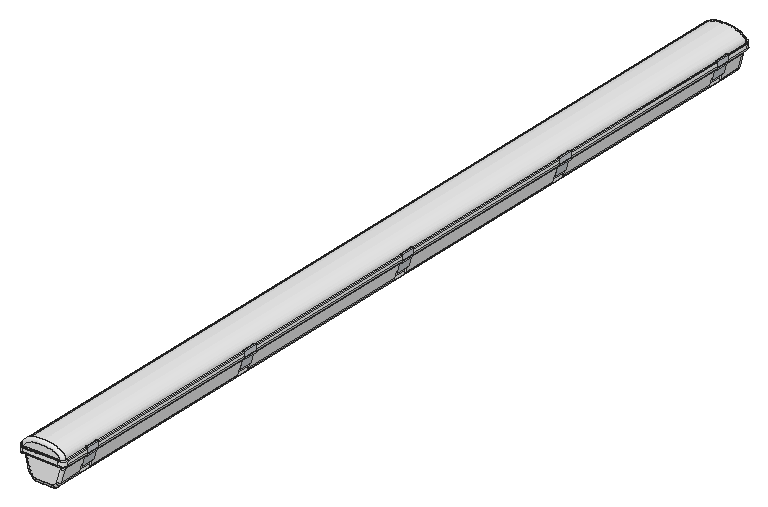
Revit family "0067965 Sylvania Lighting Fixture START Waterproof Single 1500 IP65 4000lm 865", category Lighting Fixtures, host Face, Revit 2016
Family settings
  Host = Face
  Part Type = Normal
  Round Connector Dimension = Use Diameter
  OmniClass Number = 23.80.70.11.14
  OmniClass Title = General Luminaries, Directional
  Cut with Voids When Loaded = No
  Light Source = Yes
  Shared = No
  Room Calculation Point = No
Parameters (values of type "0067965 ST WTRPRF S 1500 IP65 4000LM 865")
  Width = 84 mm
  Weight = "2.08 kg"
  Wattage Comments = "n/a"
  Wattage = 33 W
  WarrantyStartDate [instance] = "n/a"
  WarrantyGuarantorParts = "n/a"
  WarrantyDurationUnit = "n/a"
  WarrantyDurationParts = "n/a"
  WarrantyDescription = "n/a"
  built-in parameter 1150110 = 1 (stored number, unit not read)
  Voltage = 0 V
  URL = "http://www.sylvania-lighting.com"
  TypeName = "START Waterproof Single 1500 IP65 4000lm 865"
  Type Image = <None>
  Type Comments = "n/a"
  built-in parameter 1114217 = 1 (stored number, unit not read)
  Tilt Angle = -90.00°
  built-in parameter 1150109 = 1 (stored number, unit not read)
  built-in parameter 1150134 = 1
  built-in parameter 1150113 = 1 (stored number, unit not read)
  SerialNumber [instance] = "n/a"
  ReflectorMaterial = none
  PowerFactor = 0
  PowerConsumption = "33 W"
  Photometric Web File = "0067965.ies"
  NominalWidth = 0 mm
  NominalLength = 1578 mm
  NominalHeight = 75 mm
  Name = "START Waterproof Single 1500 IP65 4000lm 865"
  ModelReference = "START Waterproof Single 1500 IP65 4000lm 865"
  ModelNumber = "0067965"
  Model = "START Waterproof Single 1500 IP65 4000lm 865"
  Material = "polycarbonate housing, polycarbonate diffuser"
  ManufacturerName = "Feilo Sylvania"
  Manufacturer = "Feilo Sylvania"
  LuminousEfficacy = "119 lm/W"
  built-in parameter 1150105 = 312.5 (stored number, unit not read)
  Lumens = 3927 lm
  LuminaireType = ""
  built-in parameter 1150115 = 1 (stored number, unit not read)
  LightOutputRatio = "n/a"
  built-in parameter 1150137 = (empty or 0)
  built-in parameter 1150139 = (empty or 0)
  Length = 1572 mm
  LampsType = Lamp  # "LED"
  LampNominalLuminous = "3950 lm"
  LampMacAdamStep = "n/a"
  LampColourTemperature = "6500 K"
  LampColourRenderingIndex = "80"
  built-in parameter 1150112 = 1 (stored number, unit not read)
  built-in parameter 1150114 = 1 (stored number, unit not read)
  Lamp = "LED"
  Keynote = "16500"
  InstallationDate [instance] = "n/a"
  InputVoltage = "n/a"
  InputNominalFrequency = "n/a"
  built-in parameter 1150132 = (empty or 0)
  built-in parameter 1150102 = (empty or 0)
  built-in parameter 1150107 = 6500 (stored number, unit not read)
  built-in parameter 1150138 = (empty or 0)
  IngressProtection = "IP65"
  ImpactProtectionIndex = "IK08"
  built-in parameter 1150106 = 3.125 (stored number, unit not read)
  IfcExportType = "IfcLightFixtureType"
  IfcExportAs = "IfcLightFixtureType"
  ExpectedLife = 50000
  Emit from Rectangle Width = Width - 20 mm  # 64 mm
  Emit from Rectangle Length = Length - 20 mm  # 1552 mm
  Emit Shape Visible in Rendering = no
  ElectricShockClassification = "Class I"
  built-in parameter 1150104 = 11.055 (stored number, unit not read)
  DurationUnit = "hours"
  DocumentationLiterature = "http://www.sylvania-lighting.com/product/en-int/products/0067965"
  DimmingControlOptions = "n/a"
  Dimming Lamp Color Temperature Shift = <None>
  DiffuserMaterial = Diffuser-Sylvania-Transparent
  Description = "Start Waterproof, integrated LED weatherproof luminaire, with UV stabilized flat diffuser and linear prisms designed to achieve uniform lit appearance, optimise light output and to reduce glare, stainless steel diffuser clips and fixing brackets for surface mounting. Polycarbonate housing, Polycarbonate diffuser, 3950lm, 33W, 119lm/W, 6500K, drive current 1050mA, non dimmable, CRI80, IP65, IK08, Class I, nominal average lifetime (h): 50000, 1578mm x 84mm x 75mm, energy class: A++ A+ A"
  Default Elevation = 1219.2 mm
  CreatedOn = "11/27/2018"
  CreatedBy = "@sylvania-lighting.com"
  Cost = 0
  Color Filter = 16777215
  built-in parameter 1114216 [instance] = (empty or 0)
  ClassificationValue = "EF_70_80"
  ClassificationName = "Uniclass2015"
  BodyMaterial = Body-Sylvania-Gray
  BarCode [instance] = "n/a"
  built-in parameter 1114218 = 1 (stored number, unit not read)
  built-in parameter 1150133 = 10 (stored number, unit not read)
  AssetType = "Fixed"
  AssetIdentifier [instance] = "n/a"
  Assembly Code = "D5020200"
  Apparent Load = 33 VA
  AccessoryMaterial = Diffuser-Sylvania-Glow
Reference planes
  plane 1 "Center (Front/Back)": y = 0
  plane 2: z = 0
  plane 3 "Center (Left/Right)": x = 0
  plane 4: z = 54
  plane 5: x = -14.7
  plane 6: x = -21.8
  plane 7: x = -26.6
  plane 8: x = -29.2
  plane 9: z = 3
  plane 10: z = 7.8
  plane 11: z = 12.3
  plane 12: z = 36.6
  plane 13: z = 42.8
  plane 14: x = -38.1
  plane 15: z = 46.2
  plane 16: x = -42
  plane 17: y = 786
  plane 18: y = -786
  plane 19: x = 14.7
  plane 20: x = 21.8
  plane 21: x = 26.6
  plane 22: x = 29.2
  plane 23: x = 38.1
  plane 24: x = 42
  plane 25: y = 778.4
  plane 26: y = -778.4
  plane 27: y = -774.7
  plane 28: y = 774.7
  plane 29: z = 74
  plane 30: x = -38.5
  plane 31: x = 38.5
  plane 32: z = 55.2
  plane 33: y = -782.5
  plane 34: y = 782.5
  plane 35: x = -24.5
  plane 36: x = 24.5
  plane 37: x = -35.7
  plane 38: x = 35.7
  plane 39: z = 50.2
  plane 40: z = 24.6
  plane 41: y = -720
  plane 42: y = -734
  plane 43: y = -706
  plane 44: y = 720
  plane 45: y = -720
  plane 46: y = -734
  plane 47: y = -706
  plane 48: y = 720
  plane 49: y = 706
  plane 50: y = 734
  plane 51: y = -360
  plane 52: y = -374
  plane 53: y = -346
  plane 54: y = 0
  plane 55: y = -14
  plane 56: y = 14
  plane 57: y = 360
  plane 58: y = 346
  plane 59: y = 374
Forms (mm)
  Sweep 1, solid, material "Body-Sylvania-Gray" <- "BodyMaterial", detail levels medium+fine
    path origin (1223.4, -4572, 54) x (0, -1, 0) y (1, 0, 0)
      loop
        arc (-3796, -1265.4) -> (-3788.929, -1262.471) -> (-3786, -1255.4) r 10
        line (-3786, -1255.4) -> (-3786, -1191.4)
        arc (-3786, -1191.4) -> (-3788.929, -1184.329) -> (-3796, -1181.4) r 10
        line (-3796, -1181.4) -> (-5348, -1181.4)
        arc (-5348, -1181.4) -> (-5355.071, -1184.329) -> (-5358, -1191.4) r 10
        line (-5358, -1191.4) -> (-5358, -1255.4)
        arc (-5358, -1255.4) -> (-5355.071, -1262.471) -> (-5348, -1265.4) r 10
        line (-5348, -1265.4) -> (-3796, -1265.4)
    profile origin (-42, 0, 54) x (-1, 0, 0) y (0, 0, 1)
      loop
        line (0, 0) -> (-1, 0) -> (-1, -7.726)
        arc (-1, -7.726) -> (-1.994, -9.498) -> (-3.9, -10.2) r 2.937
        line (-3.9, -10.2) -> (-8.571, -10.2) -> (-8.571, -11.2) -> (-3.9, -11.2)
        arc (-3.9, -11.2) -> (-1.313, -10.231) -> (0, -7.8) r 3.937
        line (0, -7.8) -> (0, 0)
  Sweep 2, solid, material "Body-Sylvania-Gray" <- "BodyMaterial", detail levels medium+fine
    path origin (0, 0, 0) x (1, 0, 0) y (0, 0, 1)
      loop
        line (35.7, 42.8) -> (35.7, 36.6) -> (29.203, 12.31)
        arc (29.203, 12.31) -> (28.199, 9.884) -> (26.6, 7.8) r 10.052
        line (26.6, 7.8) -> (21.8, 3)
        arc (21.8, 3) -> (18.554, 0.781) -> (14.7, 0) r 9.902
        line (14.7, 0) -> (0, 0) -> (-14.7, 0)
        arc (-14.7, 0) -> (-18.554, 0.781) -> (-21.8, 3) r 9.902
        line (-21.8, 3) -> (-26.6, 7.8)
        arc (-26.6, 7.8) -> (-28.199, 9.884) -> (-29.203, 12.31) r 10.052
        line (-29.203, 12.31) -> (-35.7, 36.6) -> (-35.7, 42.8)
    profile origin (0, 0, 0) x (0, 0, -1) y (0, -1, 0)
      loop
        arc (0, 773.4) -> (-1.464, 776.936) -> (-5, 778.4) r 5
        line (-5, 778.4) -> (-7.8, 778.4) -> (-7.8, -778.4) -> (-5, -778.4)
        arc (-5, -778.4) -> (-1.464, -776.936) -> (0, -773.4) r 5
        line (0, -773.4) -> (0, 773.4)
  Extrusion 3, solid, material "Body-Sylvania-Gray" <- "BodyMaterial", detail levels medium+fine
    sketch origin (1524, 778.4, 1219.2) x (1, 0, 0) y (0, 0, 1)
      loop
        arc (-1545.668, -1204.874) -> (-1545.443, -1205.418) -> (-1545.085, -1205.885) r 2.252
        line (-1545.085, -1205.885) -> (-1540.231, -1210.738)
        arc (-1540.231, -1210.738) -> (-1539.534, -1211.227) -> (-1538.7, -1211.4) r 2.102
        line (-1538.7, -1211.4) -> (-1509.3, -1211.4)
        arc (-1509.3, -1211.4) -> (-1508.466, -1211.227) -> (-1507.769, -1210.738) r 2.102
        line (-1507.769, -1210.738) -> (-1502.915, -1205.885)
        arc (-1502.915, -1205.885) -> (-1502.557, -1205.418) -> (-1502.332, -1204.874) r 2.252
        line (-1502.332, -1204.874) -> (-1496.1, -1181.575) -> (-1496.1, -1176.4) -> (-1551.9, -1176.4) -> (-1551.9, -1181.575) -> (-1545.668, -1204.874)
    from 0 to 1556.8
  Sweep 4, solid, material "Diffuser-Sylvania-Transparent" <- "DiffuserMaterial", detail levels medium+fine
    path origin (0, 0, 0) x (1, 0, 0) y (0, 0, 1)
      loop
        spline (-38.5, 55.2) -> (-37.188, 60.066) -> (-33.342, 64.6) -> (-27.224, 68.494) -> (-19.25, 71.481) -> (-9.965, 73.359) -> (0, 74) -> (9.965, 73.359) -> (19.25, 71.481) -> (27.224, 68.494) -> (33.342, 64.6) -> (37.188, 60.066) -> (38.5, 55.2)
    profile origin (38.5, 0, 55.2) x (0, -1, 0) y (1, 0, 0)
      loop
        arc (782.5, -5.5) -> (780.889, -1.611) -> (777, 0) r 5.5
        line (777, 0) -> (-777, 0)
        arc (-777, 0) -> (-780.889, -1.611) -> (-782.5, -5.5) r 5.5
        line (-782.5, -5.5) -> (-782.5, -6.3) -> (-781.5, -6.3) -> (-781.5, -5.5)
        arc (-781.5, -5.5) -> (-780.182, -2.318) -> (-777, -1) r 4.5
        line (-777, -1) -> (777, -1)
        arc (777, -1) -> (780.182, -2.318) -> (781.5, -5.5) r 4.5
        line (781.5, -5.5) -> (781.5, -6.347) -> (782.5, -6.347) -> (782.5, -5.5)
  Extrusion 5, solid, material "Diffuser-Sylvania-Transparent" <- "DiffuserMaterial", detail levels medium+fine
    sketch origin (1524, -782.5, 1219.2) x (1, 0, 0) y (0, 0, 1)
      loop
        line (-1556.653, -1164) -> (-1491.347, -1164)
        spline (-1491.347, -1164) -> (-1491.939, -1161.945) -> (-1494.434, -1159.066) -> (-1499.342, -1155.96) -> (-1506.338, -1153.35) -> (-1514.799, -1151.648) -> (-1524, -1151.047) -> (-1533.201, -1151.648) -> (-1541.662, -1153.35) -> (-1548.658, -1155.96) -> (-1553.566, -1159.066) -> (-1556.061, -1161.945) -> (-1556.653, -1164)
    from 0 to -1
  Extrusion 6, solid, material "Diffuser-Sylvania-Transparent" <- "DiffuserMaterial", detail levels medium+fine
    sketch origin (1524, 782.5, 1219.2) x (1, 0, 0) y (0, 0, 1)
      loop
        spline (-1491.3, -1164) -> (-1491.898, -1161.922) -> (-1494.404, -1159.03) -> (-1499.322, -1155.918) -> (-1506.325, -1153.305) -> (-1514.793, -1151.602) -> (-1524, -1151) -> (-1533.207, -1151.602) -> (-1541.675, -1153.305) -> (-1548.678, -1155.918) -> (-1553.596, -1159.03) -> (-1556.102, -1161.922) -> (-1556.7, -1164)
        line (-1556.7, -1164) -> (-1491.3, -1164)
    from 0 to 1
  Extrusion 7, solid, material "Diffuser-Sylvania-Glow" <- "AccessoryMaterial", detail levels fine
    sketch origin (0, 0, 0) x (1, 0, 0) y (0, 0, 1)
      loop
        circle (0, 50.2) r 8
    from -774.7 to 774.7
  Extrusion 8, void
    sketch origin (0, -720, 2343.807) x (0, 0, -1) y (-1, 0, 0)
      loop
        line (2340.807, -24.5) -> (2331.507, -24.5) -> (2319.207, -29.2) -> (2319.207, -35.7) -> (2340.807, -35.7) -> (2340.807, -24.5)
      loop
        line (2340.807, 24.5) -> (2340.807, 35.7) -> (2319.207, 35.7) -> (2319.207, 29.2) -> (2331.507, 24.5) -> (2340.807, 24.5)
    from 14 to -14
  Extrusion 9, void, not visible
    sketch origin (0, -720, 2343.807) x (0, 0, -1) y (-1, 0, 0)
      loop
        line (2340.807, -24.5) -> (2331.507, -24.5) -> (2319.207, -29.2) -> (2319.207, -35.7) -> (2340.807, -35.7) -> (2340.807, -24.5)
      loop
        line (2340.807, 24.5) -> (2340.807, 35.7) -> (2319.207, 35.7) -> (2319.207, 29.2) -> (2331.507, 24.5) -> (2340.807, 24.5)
    from 14 to -14
  Extrusion 10, void
    sketch origin (0, 720, 2343.807) x (0, 0, -1) y (-1, 0, 0)
      loop
        line (2340.807, -24.5) -> (2331.507, -24.5) -> (2319.207, -29.2) -> (2319.207, -35.7) -> (2340.807, -35.7) -> (2340.807, -24.5)
      loop
        line (2340.807, 24.5) -> (2340.807, 35.7) -> (2319.207, 35.7) -> (2319.207, 29.2) -> (2331.507, 24.5) -> (2340.807, 24.5)
    from 14 to -14
  Extrusion 11, void
    sketch origin (0, -360, 2343.807) x (0, 0, -1) y (-1, 0, 0)
      loop
        line (2340.807, -24.5) -> (2331.507, -24.5) -> (2319.207, -29.2) -> (2319.207, -35.7) -> (2340.807, -35.7) -> (2340.807, -24.5)
      loop
        line (2340.807, 24.5) -> (2340.807, 35.7) -> (2319.207, 35.7) -> (2319.207, 29.2) -> (2331.507, 24.5) -> (2340.807, 24.5)
    from 14 to -14
  Extrusion 12, void
    sketch origin (0, 0, 2343.807) x (0, 0, -1) y (-1, 0, 0)
      loop
        line (2340.807, -24.5) -> (2331.507, -24.5) -> (2319.207, -29.2) -> (2319.207, -35.7) -> (2340.807, -35.7) -> (2340.807, -24.5)
      loop
        line (2340.807, 24.5) -> (2340.807, 35.7) -> (2319.207, 35.7) -> (2319.207, 29.2) -> (2331.507, 24.5) -> (2340.807, 24.5)
    from 14 to -14
  Extrusion 13, void
    sketch origin (0, 360, 2343.807) x (0, 0, -1) y (-1, 0, 0)
      loop
        line (2340.807, -24.5) -> (2331.507, -24.5) -> (2319.207, -29.2) -> (2319.207, -35.7) -> (2340.807, -35.7) -> (2340.807, -24.5)
      loop
        line (2340.807, 24.5) -> (2340.807, 35.7) -> (2319.207, 35.7) -> (2319.207, 29.2) -> (2331.507, 24.5) -> (2340.807, 24.5)
    from 14 to -14
  Extrusion 14, solid, material "Diffuser-Sylvania-Transparent" <- "DiffuserMaterial", detail levels medium+fine
    sketch origin (1223.4, -4572, 54) x (0, -1, 0) y (-1, 0, 0)
      loop
        arc (-5348, 1265.4) -> (-5355.071, 1262.471) -> (-5358, 1255.4) r 10
        line (-5358, 1255.4) -> (-5358, 1191.4)
        arc (-5358, 1191.4) -> (-5355.071, 1184.329) -> (-5348, 1181.4) r 10
        line (-5348, 1181.4) -> (-3796, 1181.4)
        arc (-3796, 1181.4) -> (-3788.929, 1184.329) -> (-3786, 1191.4) r 10
        line (-3786, 1191.4) -> (-3786, 1255.4)
        arc (-3786, 1255.4) -> (-3788.929, 1262.471) -> (-3796, 1265.4) r 10
        line (-3796, 1265.4) -> (-5348, 1265.4)
      loop
        arc (-5354.5, 1190.394) -> (-5352.887, 1186.509) -> (-5349, 1184.9) r 5.5
        line (-5349, 1184.9) -> (-3795, 1184.9)
        arc (-3795, 1184.9) -> (-3791.113, 1186.509) -> (-3789.5, 1190.394) r 5.5
        line (-3789.5, 1190.394) -> (-3789.5, 1256.406)
        arc (-3789.5, 1256.406) -> (-3791.113, 1260.291) -> (-3795, 1261.9) r 5.5
        line (-3795, 1261.9) -> (-5349, 1261.9)
        arc (-5349, 1261.9) -> (-5352.887, 1260.291) -> (-5354.5, 1256.406) r 5.5
        line (-5354.5, 1256.406) -> (-5354.5, 1190.394)
    from 0 to -1.2
  Extrusion 15, solid, material "Body-Sylvania-Gray" <- "BodyMaterial", detail levels coarse
    sketch origin (0, 0, 0) x (1, 0, 0) y (0, 0, 1)
      loop
        line (-42, 55.2) -> (-42, 42.8) -> (-26.6, 0) -> (26.6, 0) -> (42, 42.8) -> (42, 55.2) -> (-42, 55.2)
    from -786 to 786
  Extrusion 16, solid, material "Diffuser-Sylvania-Transparent" <- "DiffuserMaterial", detail levels coarse
    sketch origin (0, 0, 0) x (1, 0, 0) y (0, 0, 1)
      loop
        line (-38.5, 55.2) -> (38.5, 55.2)
        arc (38.5, 55.2) -> (0, 74) -> (-38.5, 55.2) r 48.822
    from -778.4 to 778.4
Cuts and joins
  Extrusion 8, Extrusion 10, Extrusion 11, Extrusion 12, Extrusion 13 cuts Sweep 2
  Extrusion 8, Extrusion 10, Extrusion 11, Extrusion 12, Extrusion 13 cuts Extrusion 3
  joined: Sweep 2, Extrusion 3
  joined: Sweep 4, Extrusion 5, Extrusion 6, Extrusion 14
Dimensions and locks
  locked: plane 4 to plane 2 at 54
  plane 5 to plane 6 to plane 7 to plane 8 to plane 14 to plane 16 = 7.1 mm locked, 4.8 mm locked, 2.6 mm locked, 8.9 mm locked, 3.9 mm locked
  plane 4 to plane 15 to plane 13 to plane 12 to plane 11 to plane 10 to plane 9 = 7.8 mm locked, 3.4 mm, 6.2 mm locked, 24.3 mm locked, 4.5 mm locked, 4.8 mm locked
  equal spacing: plane 18, plane 1 "Center (Front/Back)", plane 17
  "Length": plane 18 to plane 17
  plane 19 to plane 20 to plane 21 to plane 22 to plane 23 to plane 24 = 7.1 mm locked, 4.8 mm locked, 2.6 mm locked, 8.9 mm, 3.9 mm
  equal spacing: plane 24, plane 3 "Center (Left/Right)", plane 16
  "Width": plane 24 to plane 16
  equal spacing: plane 27, plane 1 "Center (Front/Back)", plane 28
  locked: plane 26 to plane 27 at 3.7
  locked: Sweep 1 sketch curve to profile plane at 1
  locked: Sweep 1 sketch curve to plane 13 at 1
  locked: Sweep 1 sketch curve to plane 13 at 3.937  (x2)
  locked: Sweep 1 sketch curve to profile plane at 3.9  (x2)
  plane 29 to plane 4 = 20 mm
  equal spacing: plane 31, plane 3 "Center (Left/Right)", plane 30
  locked: plane 30 to plane 16 at 3.5
  locked: plane 32 to plane 4 at 1.2
  equal spacing: plane 33, plane 1 "Center (Front/Back)", plane 34
  equal spacing: plane 36, plane 3 "Center (Left/Right)", plane 35
  locked: plane 34 to plane 17 at 3.5
  equal spacing: plane 38, plane 3 "Center (Left/Right)", plane 37
  locked: plane 37 to plane 16 at 6.3
  equal spacing: plane 25, plane 1 "Center (Front/Back)", plane 26
  locked: plane 17 to plane 25 at 7.6
  locked: Sweep 2 sketch curve to plane 2 at 5  (x2)
  locked: Sweep 2 sketch curve to plane 26 at 5
  locked: plane 25 to Sweep 2 sketch curve at 5
  locked: Sweep 4 sketch curve to plane 31 at 5.5  (x2)
  locked: Sweep 4 sketch curve to plane 34 at 5.5
  plane 33 to Sweep 4 sketch curve = 5.5 mm
  locked: plane 34 to Sweep 4 sketch curve at 1
  locked: Sweep 4 sketch curve to plane 31 at 1
  locked: Sweep 4 sketch curve to Sweep 4 sketch curve at 1
  locked: Sweep 4 sketch curve to plane 31 at 6.347
  locked: Sweep 4 sketch curve to plane 31 at 6.3
  locked: plane 40 to plane 2 at 24.6
  locked: plane 6 to plane 35 at 2.7
  locked: plane 1 "Center (Front/Back)" to plane 41 at 720
  plane 43 to plane 41 to plane 42 = 14 mm locked, 14 mm locked
  locked: plane 44 to plane 1 "Center (Front/Back)" at 720
  plane 47 to plane 45 to plane 46 = 14 mm locked, 14 mm locked
  plane 50 to plane 48 to plane 49 = 14 mm locked, 14 mm locked  (x2)
  equal spacing: group 1, group 6, group 7, group 8, group 5  (x3)
  plane 53 to plane 51 to plane 52 = 14 mm locked, 14 mm locked  (x2)
  plane 56 to plane 54 to plane 55 = 14 mm locked, 14 mm locked  (x2)
  plane 59 to plane 57 to plane 58 = 14 mm locked, 14 mm locked  (x2)
  plane 48 to plane 57 to plane 1 "Center (Front/Back)" to plane 51 to plane 41 = 360 mm locked, 360 mm locked, 360 mm locked, 360 mm locked
  aligned and locked: plane 2 to host face
  aligned and locked: level to host face
  aligned and locked: plane 16 to Sweep 1 sketch curve
  aligned and locked: Sweep 1 sketch curve to plane 24
  aligned and locked: plane 18 to Sweep 1 sketch curve
  aligned and locked: Sweep 1 sketch curve to plane 13
  aligned and locked: profile plane to Sweep 1 sketch curve
  aligned and locked: plane 3 "Center (Left/Right)" to Sweep 2 sketch curve
  aligned and locked: plane 9 to Sweep 2 sketch curve
  aligned and locked: plane 10 to Sweep 2 sketch curve
  aligned and locked: plane 37 to Sweep 2 sketch curve
  aligned and locked: plane 12 to Sweep 2 sketch curve
  aligned and locked: Sweep 2 sketch curve to level
  aligned and locked: plane 21 to Sweep 2 sketch curve
  aligned and locked: plane 38 to Sweep 2 sketch curve
  aligned and locked: profile plane to Sweep 2 sketch curve
  aligned and locked: plane 25 to Sweep 2 sketch curve
  aligned and locked: Sweep 2 sketch curve to plane 10
  aligned and locked: Extrusion 3 sketch curve to Sweep 2  (x7)
  aligned and locked: Sweep 2 to Extrusion 3 sketch curve
  aligned and locked: Extrusion 3 to plane 25
  aligned and locked: plane 26 to Extrusion 3
  aligned and locked: plane 32 to Sweep 4 sketch curve
  aligned and locked: plane 33 to Sweep 4 sketch curve
  aligned and locked: Sweep 4 to Extrusion 5
  aligned and locked: plane 33 to Extrusion 5
  aligned and locked: plane 39 to Extrusion 7 sketch curve
  aligned and locked: plane 27 to Extrusion 7
  aligned and locked: Extrusion 7 to plane 28
  aligned and locked: Extrusion 6 sketch curve to Sweep 4
  aligned and locked: Extrusion 5 sketch curve to Sweep 4
  aligned and locked: Extrusion 8 to plane 43
  aligned and locked: plane 42 to Extrusion 8
  aligned and locked: Extrusion 10 to plane 50
  aligned and locked: plane 49 to Extrusion 10
  aligned and locked: Extrusion 11 to plane 53
  aligned and locked: plane 52 to Extrusion 11
  aligned and locked: Extrusion 12 to plane 56
  aligned and locked: plane 55 to Extrusion 12
  aligned and locked: Extrusion 13 to plane 59
  aligned and locked: plane 58 to Extrusion 13
  aligned and locked: plane 3 "Center (Left/Right)" to Extrusion 7 sketch curve
  aligned and locked: Extrusion 14 sketch curve to Sweep 1  (x4)
  aligned and locked: Extrusion 14 to plane 32
  aligned and locked: plane 4 to Extrusion 14
  aligned and locked: plane 48 to nested 1
  aligned and locked: plane 57 to nested 2
  aligned and locked: plane 54 to nested 3
  aligned and locked: nested 4 to plane 51
  aligned and locked: nested 5 to plane 41
  aligned and locked: plane 41 to nested 10
  aligned and locked: plane 51 to nested 9
  aligned and locked: plane 54 to nested 8
  aligned and locked: plane 57 to nested 7
  aligned and locked: plane 48 to nested 6
  aligned and locked: plane 1 "Center (Front/Back)" to imposter light
  aligned and locked: plane 3 "Center (Left/Right)" to imposter light
  aligned and locked: imposter light to plane 29
  aligned and locked: plane 7 to Extrusion 15 sketch curve
  aligned and locked: plane 2 to Extrusion 15 sketch curve
  aligned and locked: Extrusion 15 sketch curve to nested 6
  aligned and locked: Extrusion 15 sketch curve to nested 1
  aligned and locked: plane 18 to Extrusion 15
  aligned and locked: Extrusion 15 to plane 17
  aligned and locked: Extrusion 15 to Sweep 1  (x2)
  aligned and locked: plane 30 to Extrusion 16 sketch curve
  aligned and locked: plane 31 to Extrusion 16 sketch curve
  aligned and locked: Extrusion 16 sketch curve to cut or joined group of Sweep 4, Extrusion 5, Extrusion 6, Extrusion 14
  aligned and locked: Extrusion 16 to plane 25
  aligned and locked: plane 26 to Extrusion 16
Automatic sketch dimensions
  host sketch curve to host sketch curve = 2438.4 mm  (x2)
  plane 17 to Sweep 1 sketch curve = 0 mm
  Sweep 1 sketch curve to plane 28 = 1.3 mm
  Sweep 1 sketch curve to plane 7 = 5.4 mm
  plane 27 to Sweep 1 sketch curve = 1.3 mm  (x2)
  Sweep 1 sketch curve to Sweep 1 sketch curve = 4.671 mm
  Sweep 1 sketch curve to plane 4 = 0 mm
  Sweep 2 sketch curve to plane 7 = 0 mm
  Sweep 2 sketch curve to plane 6 = 0 mm
  Sweep 2 sketch curve to plane 5 = 0 mm
  plane 19 to Sweep 2 sketch curve = 0 mm
  Sweep 2 sketch curve to plane 9 = 0 mm
  plane 20 to Sweep 2 sketch curve = 0 mm
  Sweep 2 sketch curve to plane 12 = 0 mm
  Sweep 2 sketch curve to plane 10 = 0 mm
  Sweep 2 sketch curve to plane 13 = 0 mm  (x2)
  Sweep 2 sketch curve to plane 8 = 0.003 mm
  plane 6 to Sweep 2 sketch curve = 2.308 mm
  plane 20 to Sweep 2 sketch curve = 2.308 mm
  Sweep 2 sketch curve to plane 22 = 0.003 mm
  Sweep 2 sketch curve to plane 11 = 0.01 mm  (x2)
  Extrusion 3 sketch curve to plane 5 = 0 mm
  plane 19 to Extrusion 3 sketch curve = 0 mm
  plane 6 to Extrusion 3 sketch curve = 0.132 mm
  plane 6 to Extrusion 3 sketch curve = 0.715 mm
  Extrusion 3 sketch curve to Extrusion 3 sketch curve = 1.592 mm
  Extrusion 3 sketch curve to plane 10 = 0.662 mm  (x2)
  plane 20 to Extrusion 3 sketch curve = 2.308 mm
  plane 20 to Extrusion 3 sketch curve = 0.715 mm
  plane 20 to Extrusion 3 sketch curve = 0.132 mm
  Sweep 4 sketch curve to plane 30 = 0 mm
  Sweep 4 sketch curve to plane 3 "Center (Left/Right)" = 0 mm
  Sweep 4 sketch curve to Sweep 4 sketch curve = 0 mm  (x2)
  plane 37 to Extrusion 6 sketch curve = 3 mm
  Extrusion 6 sketch curve to plane 38 = 3 mm
  plane 37 to Extrusion 5 sketch curve = 3.047 mm
  Extrusion 5 sketch curve to plane 38 = 3.047 mm
  Extrusion 8 sketch curve to Extrusion 8 sketch curve = 0 mm
  Extrusion 8 sketch curve to Extrusion 8 sketch curve = 12.3 mm  (x2)
  Extrusion 8 sketch curve to Extrusion 8 sketch curve = 9.3 mm  (x2)
  Extrusion 8 sketch curve to Extrusion 8 sketch curve = 6.5 mm  (x2)
  Extrusion 8 sketch curve to Extrusion 8 sketch curve = 4.7 mm  (x2)
  Extrusion 8 sketch curve to Extrusion 8 sketch curve = 49 mm
  Extrusion 9 sketch curve to Extrusion 9 sketch curve = 0 mm
  Extrusion 9 sketch curve to Extrusion 9 sketch curve = 12.3 mm  (x2)
  Extrusion 9 sketch curve to Extrusion 9 sketch curve = 9.3 mm  (x2)
  Extrusion 9 sketch curve to Extrusion 9 sketch curve = 6.5 mm  (x2)
  Extrusion 9 sketch curve to Extrusion 9 sketch curve = 4.7 mm  (x2)
  Extrusion 9 sketch curve to Extrusion 9 sketch curve = 49 mm
  Extrusion 10 sketch curve to Extrusion 10 sketch curve = 0 mm
  Extrusion 10 sketch curve to Extrusion 10 sketch curve = 12.3 mm  (x2)
  Extrusion 10 sketch curve to Extrusion 10 sketch curve = 9.3 mm  (x2)
  Extrusion 10 sketch curve to Extrusion 10 sketch curve = 6.5 mm  (x2)
  Extrusion 10 sketch curve to Extrusion 10 sketch curve = 4.7 mm  (x2)
  Extrusion 10 sketch curve to Extrusion 10 sketch curve = 49 mm
  Extrusion 11 sketch curve to Extrusion 11 sketch curve = 0 mm
  Extrusion 11 sketch curve to Extrusion 11 sketch curve = 12.3 mm  (x2)
  Extrusion 11 sketch curve to Extrusion 11 sketch curve = 9.3 mm  (x2)
  Extrusion 11 sketch curve to Extrusion 11 sketch curve = 6.5 mm  (x2)
  Extrusion 11 sketch curve to Extrusion 11 sketch curve = 4.7 mm  (x2)
  Extrusion 11 sketch curve to Extrusion 11 sketch curve = 49 mm
  Extrusion 12 sketch curve to Extrusion 12 sketch curve = 0 mm
  Extrusion 12 sketch curve to Extrusion 12 sketch curve = 12.3 mm  (x2)
  Extrusion 12 sketch curve to Extrusion 12 sketch curve = 9.3 mm  (x2)
  Extrusion 12 sketch curve to Extrusion 12 sketch curve = 6.5 mm  (x2)
  Extrusion 12 sketch curve to Extrusion 12 sketch curve = 4.7 mm  (x2)
  Extrusion 12 sketch curve to Extrusion 12 sketch curve = 49 mm
  Extrusion 13 sketch curve to Extrusion 13 sketch curve = 0 mm
  Extrusion 13 sketch curve to Extrusion 13 sketch curve = 12.3 mm  (x2)
  Extrusion 13 sketch curve to Extrusion 13 sketch curve = 9.3 mm  (x2)
  Extrusion 13 sketch curve to Extrusion 13 sketch curve = 6.5 mm  (x2)
  Extrusion 13 sketch curve to Extrusion 13 sketch curve = 4.7 mm  (x2)
  Extrusion 13 sketch curve to Extrusion 13 sketch curve = 49 mm
  Extrusion 14 sketch curve to plane 34 = 0 mm
  plane 30 to Extrusion 14 sketch curve = 0 mm
  Extrusion 14 sketch curve to plane 31 = 0 mm
  plane 33 to Extrusion 14 sketch curve = 0 mm
  plane 25 to Extrusion 14 sketch curve = 1.4 mm  (x4)
  Extrusion 14 sketch curve to plane 26 = 1.4 mm  (x4)
  plane 37 to Extrusion 14 sketch curve = 2.694 mm  (x2)
  Extrusion 14 sketch curve to plane 38 = 2.694 mm  (x2)
  plane 21 to Extrusion 15 sketch curve = 0 mm
  Extrusion 15 sketch curve to plane 13 = 0 mm  (x2)
  Extrusion 15 sketch curve to plane 32 = 0 mm
  Extrusion 16 sketch curve to plane 40 = 0.578 mm
  radius of Extrusion 7 sketch curve = 8 mm
Nested families
  nested 1: "Clip" at (-29.2, 720, 24.6) x (-1, 0, 0) z (0, 0, 1), type "Clip", detail levels fine
  nested 2: "Clip" at (-29.2, 360, 24.6) x (-1, 0, 0) z (0, 0, 1), type "Clip", detail levels fine
  nested 3: "Clip" at (-29.2, 0, 24.6) x (-1, 0, 0) z (0, 0, 1), type "Clip", detail levels fine
  nested 4: "Clip" at (-29.2, -360, 24.6) x (-1, 0, 0) z (0, 0, 1), type "Clip", detail levels fine
  nested 5: "Clip" at (-29.2, -720, 24.6) x (-1, 0, 0) z (0, 0, 1), type "Clip", detail levels fine
  nested 6: "Clip" at (29.2, 720, 24.6), type "Clip", detail levels fine
  nested 7: "Clip" at (29.2, 360, 24.6), type "Clip", detail levels fine
  nested 8: "Clip" at (29.2, 0, 24.6), type "Clip", detail levels fine
  nested 9: "Clip" at (29.2, -360, 24.6), type "Clip", detail levels fine
  nested 10: "Clip" at (29.2, -720, 24.6), type "Clip", detail levels fine
Connectors
  electrical at (0, 0, 0), driven by "Apparent Load"
    settings: index 1, voltage 230 V, apparent load 33 VA, apparent load phase1 0 VA, apparent load phase2 0 VA, apparent load phase3 0 VA, power factor 0, load classification "Lighting", number of poles 1, system type 30, power factor state 1, is connector primary yes, connector utility no, sub classification motor no, connector description ""
Definition of nested family "Clip"
  Parameters (values of type "Clip")
    URL = "http://www.feilosylvania.com"
    Type Comments = "n/a"
    Model = "n/a"
    Manufacturer = "Feilo Sylvania"
    Keynote = "n/a"
    Description = "n/a"
    Default Elevation = 1219.2 mm
    Cost = 0
    BodyMaterial = none
    Assembly Code = "n/a"
  Reference planes
    plane 1 "Center (Front/Back)": y = 0
    plane 2: z = 0
    plane 3 "Center (Left/Right)": x = 0
    plane 4: x = 3.3
    plane 5: x = 6.5
    plane 6: x = 8.9
    plane 7: x = 12.8
    plane 8: z = 12
    plane 9: z = 18.2
    plane 10: z = 21.6
    plane 11: z = 30.6
    plane 12: x = 9.3
    plane 13: z = 19.2
    plane 14: z = 16.2
    plane 15: x = 10.1
    plane 16: y = 12
    plane 17: y = -12
  Forms (mm)
    Extrusion 1, solid
      sketch origin (-0.8, 0, 0) x (1, 0, 0) y (0, 1, 0)
        loop
          line (-1219.2, 1219.2) -> (-1219.2, -1219.2) -> (1219.2, -1219.2) -> (1219.2, 1219.2) -> (-1219.2, 1219.2)
      from 0 to -304.8
    Extrusion 2, solid
      sketch origin (0, 0, 0) x (1, 0, 0) y (0, 0, 1)
        loop
          line (8.9, 16.2) -> (4.58, 0) -> (0, 0) -> (0, -0.8) -> (5.195, -0.8) -> (9.603, 15.731) -> (13.6, 18.806) -> (13.6, 30.6)
          arc (13.6, 30.6) -> (11.45, 32.75) -> (9.3, 30.6) r 2.15
          line (9.3, 30.6) -> (10.1, 30.6)
          arc (10.1, 30.6) -> (11.45, 31.95) -> (12.8, 30.6) r 1.35
          line (12.8, 30.6) -> (12.8, 19.2) -> (8.9, 16.2)
      from -12 to 12
  Lines and regions (mm)
    reference lines
      curve 1: line (3.3, 0, 0) -> (6.5, 0, 12)
      curve 2: arc (8.9, 0, 18.2) -> (11.488, 0, 19.169) -> (12.8, 0, 21.6) r 3.934
  Dimensions and locks
    plane 7 to plane 6 to plane 5 to plane 4 to plane 3 "Center (Left/Right)" = 3.9 mm locked, 2.4 mm locked, 3.2 mm locked, 3.3 mm locked
    plane 11 to plane 10 to plane 9 to plane 8 to plane 2 = 9 mm locked, 3.4 mm locked, 6.2 mm locked, 12 mm locked
    locked: plane 7 to plane 12 at 3.5
    locked: plane 13 to plane 9 at 1
    locked: plane 9 to plane 14 at 2
    locked: plane 15 to plane 12 at 0.8
    locked: plane 2 to Extrusion 2 sketch curve at 0.8
    locked: Extrusion 2 sketch curve to Extrusion 2 sketch curve at 0.8  (x3)
    locked: plane 7 to Extrusion 2 sketch curve at 1.35
    equal spacing: plane 17, plane 1 "Center (Front/Back)", plane 16
    locked: plane 1 "Center (Front/Back)" to plane 16 at 12
    aligned and locked: plane 2 to Extrusion 1
    aligned and locked: level to Extrusion 1
    aligned and locked: plane 4 to curve 1
    aligned and locked: plane 5 to curve 1
    aligned and locked: plane 6 to curve 2
    aligned and locked: plane 10 to curve 2
    aligned and locked: plane 14 to Extrusion 2 sketch curve
    aligned and locked: plane 13 to Extrusion 2 sketch curve
    aligned and locked: plane 7 to Extrusion 2 sketch curve
    aligned and locked: plane 3 "Center (Left/Right)" to Extrusion 2 sketch curve
    aligned and locked: Extrusion 2 sketch curve to level
    aligned and locked: Extrusion 2 sketch curve to plane 11
    aligned and locked: plane 11 to Extrusion 2 sketch curve
    aligned and locked: Extrusion 2 to plane 16
    aligned and locked: plane 17 to Extrusion 2
  Automatic sketch dimensions
    Extrusion 1 sketch curve to Extrusion 1 sketch curve = 2438.4 mm  (x2)
    curve 2 to plane 7 = 0 mm
    curve 1 to level = 0 mm
    curve 1 to plane 8 = 0 mm
    curve 2 to plane 9 = 0 mm
    plane 6 to curve 2 = 0.002 mm
    Extrusion 2 sketch curve to Extrusion 2 sketch curve = 0 mm
    Extrusion 2 sketch curve to plane 6 = 0 mm
    plane 4 to Extrusion 2 sketch curve = 1.28 mm
